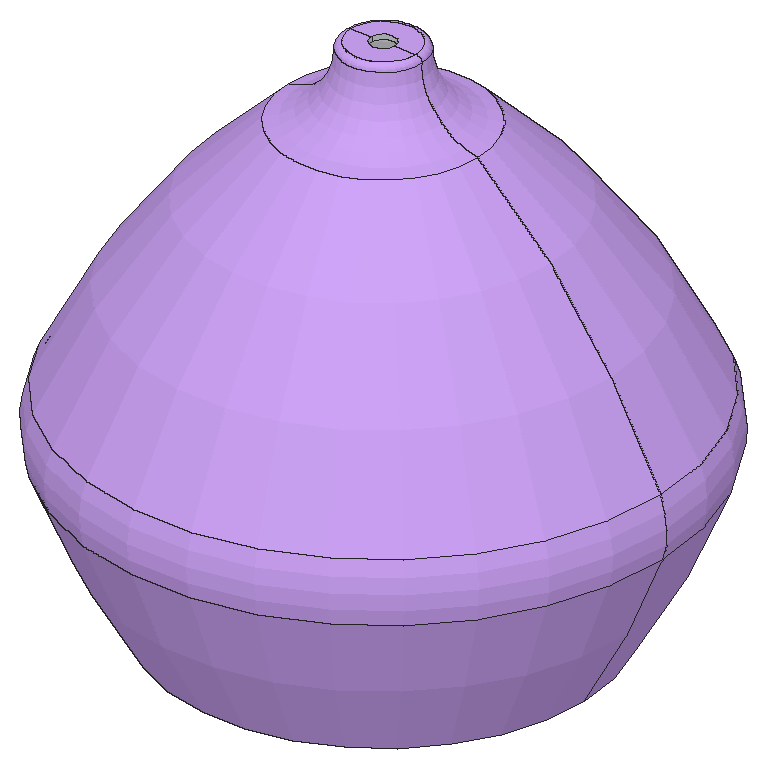
Revit family "PEX SHADE", category Lighting Fixtures, Revit 2024
Family settings
  Round Connector Dimension = Use Diameter
  Part Type = Normal
  OmniClass Number = 23.80.70.00
  OmniClass Title = Lighting
  Work Plane-Based = No
  Always vertical = Yes
  Cut with Voids When Loaded = No
  Light Source = Yes
  Maintain Annotation Orientation = No
  Shared = No
  Room Calculation Point = No
Parameters
  Wattage = 12.1178 W
  built-in parameter 1150110 = 1 (stored number, unit not read)
  built-in parameter 1114217 = 1 (stored number, unit not read)
  built-in parameter 1150109 = 1 (stored number, unit not read)
  built-in parameter 1150134 = (empty or 0)
  built-in parameter 1150113 = 1 (stored number, unit not read)
  Lumens = 1800 lm
  built-in parameter 1150115 = 1 (stored number, unit not read)
  built-in parameter 1150105 = 572.96 (stored number, unit not read)
  Light Source Symbol Size = 2' - 0"
  built-in parameter 1150137 = (empty or 0)
  built-in parameter 1150139 = (empty or 0)
  built-in parameter 1150112 = 1 (stored number, unit not read)
  built-in parameter 1150114 = 1 (stored number, unit not read)
  built-in parameter 1150132 = 2
  built-in parameter 1150102 = (empty or 0)
  built-in parameter 1150138 = (empty or 0)
  built-in parameter 1150107 = 3000 (stored number, unit not read)
  built-in parameter 1150106 = 5.7296 (stored number, unit not read)
  built-in parameter 1150104 = 13.8 (stored number, unit not read)
  Dimming Lamp Color Temperature Shift = (empty or 0)
  Default Elevation = 0' - 0"
  Color Filter = 16777215
  built-in parameter 1114218 = 1 (stored number, unit not read)
  built-in parameter 1150133 = 10 (stored number, unit not read)
Reference planes (in)
  plane 1 "Light Source Axis (F/B)": y = 0
  plane 2: z = 0
  plane 3 "Light Source Axis (L/R)": x = 0
  plane 4 "Light Source Elevation": z = 84
Forms (in)
  Revolve 1, solid
    sketch origin (0, 0, 0) x (1, 0, 0) y (0, 0, 1)
      loop
        line (-0.25, 95) -> (-0.6875, 95)
        arc (-0.6875, 95) -> (-0.77589, 94.96339) -> (-0.8125, 94.875) r 0.125
        arc (-0.8125, 94.875) -> (-1.15047, 93.9666) -> (-2, 93.5) r 1.3898
        arc (-2, 93.5) -> (-4.21654, 91.20608) -> (-5.85747, 88.47067) r 14.02641
        arc (-5.85747, 88.47067) -> (-6.0013, 87.86857) -> (-5.90923, 87.25642) r 1.62294
        arc (-5.90923, 87.25642) -> (-5.17348, 85.58038) -> (-4.25, 84) r 15.90104
        line (-4.25, 84) -> (-4.1373, 84)
        arc (-4.1373, 84) -> (-5.07561, 85.59486) -> (-5.82111, 87.28844) r 15.80729
        arc (-5.82111, 87.28844) -> (-5.90762, 87.86492) -> (-5.77212, 88.4319) r 1.52919
        arc (-5.77212, 88.4319) -> (-4.14993, 91.13887) -> (-1.96016, 93.41134) r 13.93266
        arc (-1.96016, 93.41134) -> (-1.0709, 93.91539) -> (-0.71875, 94.875) r 1.48355
        arc (-0.71875, 94.875) -> (-0.7096, 94.8971) -> (-0.6875, 94.90625) r 0.03125
        line (-0.6875, 94.90625) -> (-0.25, 94.90625) -> (-0.25, 95)
      axis (0, 95) -> (0, 84)
    angle from 0 to 360
Dimensions and locks (in)
  aligned and locked: plane 3 "Light Source Axis (L/R)" to imposter light
  aligned and locked: plane 1 "Light Source Axis (F/B)" to imposter light
  aligned and locked: plane 4 "Light Source Elevation" to imposter light
  aligned and locked: level to plane 2
